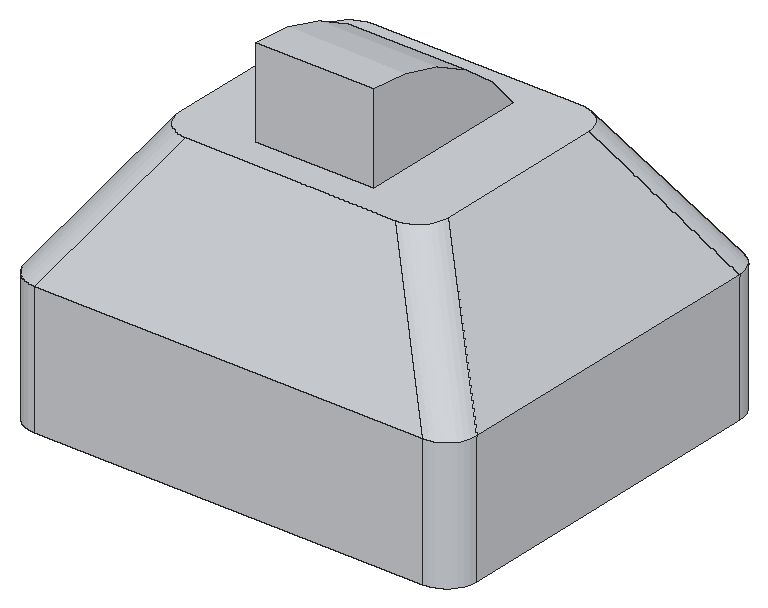
Revit family "941b9bc93c434aecbd80839f39e24087", category Electrical Fixtures, host Face, Revit 2021
Family settings
  Host = Face
  Maintain Annotation Orientation = Yes
  Round Connector Dimension = Use Diameter
  Part Type = Normal
  OmniClass Number = 23.45.70.11
  OmniClass Title = Laundry Equipment
  Seek Item ID = Hand Dryer-0000-USA-ENU
  Cut with Voids When Loaded = No
  Shared = No
  Room Calculation Point = No
Parameters (values of type "120 V")
  Width 1 = Width * 0.2  # 0' - 1.975"
  Width = 0' - 9 7/8"
  Voltage = 120 V
  Number of Poles = 1
  Nozzle Material = none
  Load Classification = Appliance - Dwelling Unit
  Length 1 = Length * 0.6  # 0' - 6.825"
  Length = 0' - 11 3/8"
  Label = "D"
  Height = 0' - 8 7/8"
  Cover Material = none
  Default Elevation = 3' - 4"
  Apparent Load = 1725 VA
  Air Flow = 160 CFM
Types (3): name | Voltage | Number of Poles | Apparent Load
  (no name) | 120 V | 1 | 1725 VA
  120 V | 120 V | 1 | 1725 VA
  208 V | 208 V | 3 | 2300 VA
Reference planes (in)
  plane 1 "Center (Front/Back)": y = 0
  plane 2: z = 0
  plane 3 "Center (Left/Right)": x = 0
  plane 4: y = -9.875
  plane 5: x = -5.6875
  plane 6: x = 5.6875
  plane 7: z = 8.875
  plane 8: z = 6.625
  plane 9: z = 3.3125
  plane 10: x = -4.9375
  plane 11: x = 4.9375
  plane 12: y = -0.75
  plane 13: y = -9.125
  plane 14: y = -1.975
  plane 15: y = -7.9
  plane 16: x = -3.4125
  plane 17: x = 3.4125
  plane 18: y = -2.725
  plane 19: y = -7.15
  plane 20: x = -2.6625
  plane 21: x = 2.6625
  plane 22: z = 7.75
  plane 23: x = -1.5
  plane 24: x = 1.5
  plane 25: y = -1
  plane 26: x = -2.9375
Forms (in)
  Extrusion 1, solid, material <- "Cover Material"
    sketch origin (0, 0, 0) x (1, 0, 0) y (0, 1, 0)
      loop
        line (-5.6875, -0.75) -> (-5.6875, -9.125)
        arc (-5.6875, -9.125) -> (-5.46783, -9.65533) -> (-4.9375, -9.875) r 0.75
        line (-4.9375, -9.875) -> (4.9375, -9.875)
        arc (4.9375, -9.875) -> (5.46783, -9.65533) -> (5.6875, -9.125) r 0.75
        line (5.6875, -9.125) -> (5.6875, -0.75)
        arc (5.6875, -0.75) -> (5.46783, -0.21967) -> (4.9375, 0) r 0.75
        line (4.9375, 0) -> (-4.9375, 0)
        arc (-4.9375, 0) -> (-5.46783, -0.21967) -> (-5.6875, -0.75) r 0.75
    from 0 to 3.3125
  Blend 2, solid, material <- "Cover Material"
    base sketch origin (0, 0, 0) x (1, 0, 0) y (0, 1, 0)
      loop
        arc (-4.9375, 0) -> (-5.46783, -0.21967) -> (-5.6875, -0.75) r 0.75
        line (-5.6875, -0.75) -> (-5.6875, -9.125)
        arc (-5.6875, -9.125) -> (-5.46783, -9.65533) -> (-4.9375, -9.875) r 0.75
        line (-4.9375, -9.875) -> (4.9375, -9.875)
        arc (4.9375, -9.875) -> (5.46783, -9.65533) -> (5.6875, -9.125) r 0.75
        line (5.6875, -9.125) -> (5.6875, -0.75)
        arc (5.6875, -0.75) -> (5.46783, -0.21967) -> (4.9375, 0) r 0.75
        line (4.9375, 0) -> (-4.9375, 0)
    top sketch origin (0, 0, 0) x (1, 0, 0) y (0, 1, 0)
      loop
        line (-3.4125, -2.725) -> (-3.4125, -7.15)
        arc (-3.4125, -7.15) -> (-3.19283, -7.68033) -> (-2.6625, -7.9) r 0.75
        line (-2.6625, -7.9) -> (2.6625, -7.9)
        arc (2.6625, -7.9) -> (3.19283, -7.68033) -> (3.4125, -7.15) r 0.75
        line (3.4125, -7.15) -> (3.4125, -2.725)
        arc (3.4125, -2.725) -> (3.19283, -2.19467) -> (2.6625, -1.975) r 0.75
        line (2.6625, -1.975) -> (-2.6625, -1.975)
        arc (-2.6625, -1.975) -> (-3.19283, -2.19467) -> (-3.4125, -2.725) r 0.75
    from 3.3125 to 6.625
  Extrusion 3, solid, material <- "Nozzle Material"
    sketch origin (0, 0, 0) x (0, 1, 0) y (0, 0, 1)
      loop
        line (-7.15, 8.875) -> (-7.15, 6.625) -> (-2.725, 6.625)
        arc (-2.725, 6.625) -> (-4.66791, 8.2802) -> (-7.15, 8.875) r 5.47625
    from -1.5 to 1.5
  Extrusion 4, solid, material <- "Cover Material"
    sketch origin (0, 0, 0) x (1, 0, 0) y (0, 1, 0)
      loop
        circle (-2.9375, -1) r 0.38891
    from 0 to 1.22415
Cuts and joins
  joined: Extrusion 1, Extrusion 4
Lines and regions (in)
  symbolic lines, detail levels fine
    curve 1: line (-5.6875, 0, 0) -> (5.6875, 0, 0)
    curve 2: line (5.6875, 0, 3.3125) -> (-5.6875, 0, 3.3125)
    curve 3: line (3.4125, 0, 6.625) -> (-3.4125, 0, 6.625)
    curve 4: line (-1.5, 0, 8.875) -> (-1.5, 0, 6.625)
    curve 5: line (1.5, 0, 6.625) -> (1.5, 0, 8.875)
    curve 6: line (-1.5, 0, 8.875) -> (1.5, 0, 8.875)
    curve 7: line (-3.4125, 0, 6.625) -> (-5.6875, 0, 3.3125)
    curve 8: line (3.4125, 0, 6.625) -> (5.6875, 0, 3.3125)
    curve 9: line (5.6875, 0, 3.3125) -> (5.6875, 0, 0)
    curve 10: line (-5.6875, 0, 3.3125) -> (-5.6875, 0, 0)
Dimensions and locks (in)
  equal spacing: plane 5, plane 3 "Center (Left/Right)", plane 6
  "Length": plane 5 to plane 6
  "Width": plane 4 to plane 1 "Center (Front/Back)"
  "Height": plane 7 to plane 2
  locked: plane 7 to plane 8 at 2.25
  equal spacing: plane 8, plane 9, plane 2
  locked: plane 1 "Center (Front/Back)" to plane 12 at 0.75
  locked: plane 13 to plane 4 at 0.75
  locked: plane 5 to plane 10 at 0.75
  locked: plane 11 to plane 6 at 0.75
  "Width 1": plane 1 "Center (Front/Back)" to plane 14
  "Width 1": plane 15 to plane 4
  equal spacing: plane 16, plane 3 "Center (Left/Right)", plane 17
  "Length 1": plane 16 to plane 17
  locked: plane 16 to plane 20 at 0.75
  locked: plane 21 to plane 17 at 0.75
  locked: plane 14 to plane 18 at 0.75
  locked: plane 19 to plane 15 at 0.75
  locked: plane 7 to plane 22 at 1.125
  locked: plane 23 to plane 3 "Center (Left/Right)" at 1.5
  locked: plane 3 "Center (Left/Right)" to plane 24 at 1.5
  locked: plane 5 to plane 26 at 2.75
  locked: plane 1 "Center (Front/Back)" to plane 25 at 1
  aligned and locked: plane 2 to host face
  aligned and locked: level to host face
  aligned and locked: Extrusion 1 sketch curve to plane 5
  aligned and locked: plane 10 to Extrusion 1 sketch curve  (x4)
  aligned and locked: plane 12 to Extrusion 1 sketch curve  (x3)
  aligned and locked: Extrusion 1 sketch curve to plane 6
  aligned and locked: Extrusion 1 sketch curve to plane 4
  aligned and locked: plane 13 to Extrusion 1 sketch curve  (x2)
  aligned and locked: plane 11 to Extrusion 1 sketch curve  (x2)
  aligned and locked: Extrusion 1 to plane 2
  aligned and locked: plane 9 to Extrusion 1
  aligned and locked: Blend 2 sketch curve to Extrusion 1  (x4)
  aligned and locked: plane 20 to Blend 2 sketch curve  (x3)
  aligned and locked: Blend 2 sketch curve to plane 15
  aligned and locked: plane 19 to Blend 2 sketch curve  (x3)
  aligned and locked: plane 17 to Blend 2 sketch curve
  aligned and locked: plane 21 to Blend 2 sketch curve  (x3)
  aligned and locked: Blend 2 sketch curve to plane 14
  aligned and locked: plane 18 to Blend 2 sketch curve  (x2)
  aligned and locked: Blend 2 to plane 9
  aligned and locked: plane 8 to Blend 2
  aligned and locked: plane 7 to Extrusion 3 sketch curve
  aligned and locked: Extrusion 3 sketch curve to plane 19
  aligned and locked: Extrusion 3 sketch curve to Blend 2
  aligned and locked: Extrusion 3 to plane 23
  aligned and locked: plane 24 to Extrusion 3
  aligned and locked: Extrusion 4 to plane 2
  aligned and locked: curve 1 to cut or joined group of Extrusion 1, Extrusion 4
  aligned and locked: curve 2 to cut or joined group of Extrusion 1, Extrusion 4
  aligned and locked: curve 3 to Blend 2
  aligned and locked: curve 4 to Extrusion 3
  aligned and locked: curve 5 to Extrusion 3
  aligned and locked: curve 6 to Extrusion 3
  aligned and locked: curve 7 to Blend 2
  aligned and locked: curve 8 to Blend 2
  aligned and locked: curve 10 to cut or joined group of Extrusion 1, Extrusion 4
  aligned and locked: plane 1 "Center (Front/Back)" to nested 1
  aligned and locked: plane 3 "Center (Left/Right)" to nested 1
Automatic sketch dimensions
  host sketch curve to host sketch curve = 8' - 0"  (x2)
  Extrusion 3 sketch curve to plane 18 = 0' - 0"
  Extrusion 4 sketch curve to plane 25 = 0' - 0"
  Extrusion 4 sketch curve to plane 26 = 0' - 0"
  radius of Extrusion 4 sketch curve = 0' - 0.38891"
Nested families (in)
  nested 1: "Hand Dryer Annotation" at (0, 0, 0), type "Hand Dryer Annotation", detail levels coarse+medium
Connectors (in)
  electrical at (-2.9375, -1, 0), driven by "Voltage", driven by "Apparent Load", driven by "Number of Poles", driven by "Apparent Load", driven by "Load Classification"
    settings: on Extrusion 4, index 1, voltage 120 V, apparent load 1725 VA, apparent load phase1 1725 VA, apparent load phase2 0 VA, apparent load phase3 0 VA, power factor 1, load classification "Appliance - Dwelling Unit", number of poles 1, system type 30, power factor state 1, is connector primary yes, connector utility no, sub classification motor no, connector description ""
Definition of nested family "Hand Dryer Annotation"
  Parameters
    Label Annotation = "AIM"
  Reference planes (in)
    plane 1: y = 0
    plane 2: x = 0
  Lines and regions (in)
    reference lines
      curve 1: line (0.09375, 0.3651, 0) -> (0.09375, -0.30581, 0)
    detail lines
      curve 2: line (0.09375, 0.09375, 0) -> (0, 0.1875, 0)
      curve 3: line (0, 0.1875, 0) -> (-0.09375, 0.09375, 0)
      curve 4: line (-0.09375, 0.09375, 0) -> (0, 0, 0)
      curve 5: line (0, 0, 0) -> (0.09375, 0.09375, 0)
  Text (in)
    label "H" at (-0.0418, 0.09057, 0), shows "Label Annotation"
  Dimensions and locks (in)
    locked: plane 2 to curve 1 at 0.09375
